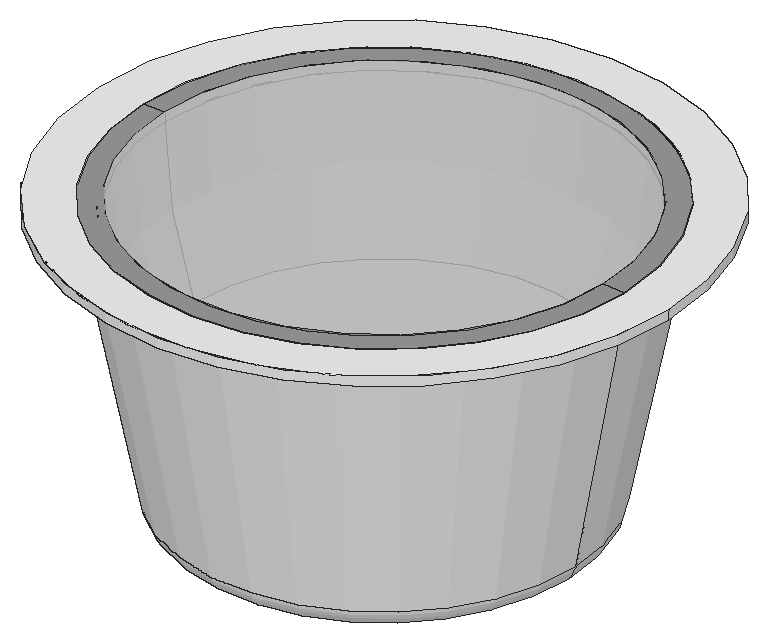
Revit family "2060567 Sylvania Lighting Fixture ASCENT 100 II ARCH 2700 4K DALI 160", category Lighting Fixtures, host Face, Revit 2016
Family settings
  Host = Face
  Part Type = Normal
  Round Connector Dimension = Use Diameter
  OmniClass Number = 23.80.70.11.17
  OmniClass Title = Specialized Lighting by Location or Use
  Cut with Voids When Loaded = No
  Light Source = Yes
  Shared = No
  Room Calculation Point = No
Parameters (values of type "2060567 ASCT100 II ARCH 2700 4K DALI 160")
  WidthBezelAcc_SYL = 25.0 mm
  Weight = "1.2 kg"
  Wattage = 21 W
  WarrantyStartDate [instance] = "n/a"
  WarrantyGuarantorParts = "n/a"
  WarrantyDurationUnit = "n/a"
  WarrantyDurationParts = "n/a"
  WarrantyDescription = "n/a"
  built-in parameter 1150110 = 1 (stored number, unit not read)
  Voltage = 0 V
  VisibilityAccessory_SYL = no
  TypeName = "ASCENT 100 II ARCH 2700 4K DALI 160"
  built-in parameter 1114217 = 1 (stored number, unit not read)
  Tilt Angle = -90°
  built-in parameter 1150109 = 1 (stored number, unit not read)
  built-in parameter 1150134 = 12
  built-in parameter 1150113 = 1 (stored number, unit not read)
  SerialNumber [instance] = "n/a"
  ReflectorRadius_SYL = Radius_SYL - 14.5 mm  # 80.0 mm
  RadiusAcc_SYL = 105.0 mm
  Radius_SYL = 94.5 mm
  URL = "http://www.sylvania-lighting.com"
  PowerFactor = 0
  PowerConsumption = "21 W"
  Photometric Web File = "2060567.ies"
  NominalWidth = 0.0 mm
  NominalLength = 0.0 mm
  NominalHeight = 94.0 mm
  Name = "ASCENT 100 II ARCH 2700 4K DALI 160"
  ModelReference = "ASCENT 100 II ARCH 2700 4K DALI 160"
  ModelNumber = "2060567"
  Material_4_SYL = none
  Material_3_SYL = Polycarbonate_Sylvania_Ascent_Opal
  Material_2_SYL = Aluminium_Sylvania_Ascent_Silver
  Material_1_SYL = Aluminum_Sylvania_Ascent_White
  Material = "aluminium housing, arcylic diffuser"
  ManufacturerName = "Feilo Sylvania"
  LuminousEfficacy = "132 lm/W"
  built-in parameter 1150105 = 220.59 (stored number, unit not read)
  Lumens = 2772 lm
  LuminaireType = ""
  built-in parameter 1150115 = 1 (stored number, unit not read)
  LightOutputRatio = "100"
  built-in parameter 1150137 = (empty or 0)
  built-in parameter 1150139 = (empty or 0)
  LampsType = Lamp  # "LED"
  LampNominalLuminous = "2767 lm"
  LampMacAdamStep = "3"
  LampColourTemperature = "4000 K"
  LampColourRenderingIndex = "80"
  built-in parameter 1150112 = 1 (stored number, unit not read)
  built-in parameter 1150114 = 1 (stored number, unit not read)
  Keynote = "16500"
  InstallationDate [instance] = "n/a"
  InputVoltage = "n/a"
  InputNominalFrequency = "n/a"
  built-in parameter 1150132 = (empty or 0)
  built-in parameter 1150102 = (empty or 0)
  built-in parameter 1150107 = 4000 (stored number, unit not read)
  built-in parameter 1150138 = (empty or 0)
  IngressProtection = "IP40"
  ImpactProtectionIndex = "IK02"
  built-in parameter 1150106 = 2.2059 (stored number, unit not read)
  IfcExportType = "IfcLightFixtureType"
  IfcExportAs = "IfcLightFixtureType"
  Height_SYL = 94.0 mm
  HeightAcc_SYL = 7.0 mm
  ExpectedLife = 50000
  EmittionSurface_SYL = if(VisibilityAccessory_SYL, 7.0 mm, 3.0 mm)  # 3.0 mm
  Emit from Circle Diameter = DiffuserRadius_SYL * 2  # 146.0 mm
  Emit Shape Visible in Rendering = no
  ElectricShockClassification = "Class II"
  built-in parameter 1150104 = 12.263 (stored number, unit not read)
  DurationUnit = "hours"
  DocumentationLiterature = "http://www.sylvania-lighting.com/product/en-int/products/2060567"
  DimmingControlOptions = "n/a"
  Dimming Lamp Color Temperature Shift = <None>
  DiffuserRadius_SYL = ReflectorRadius_SYL - 7.0 mm  # 73.0 mm
  Diameter_SYL = 2 * Radius_SYL  # 189.0 mm
  CutoutDiameter_SYL = Diameter_SYL - 13.0 mm  # 176.0 mm
  CreatedOn = "9/17/2018"
  CreatedBy = "@sylvania-lighting.com"
  Color Filter = 16777215
  built-in parameter 1114216 [instance] = 1 (stored number, unit not read)
  Model = "ASCENT 100 II ARCH 2700 4K DALI 160"
  Manufacturer = "Feilo Sylvania"
  Lamp = "LED"
  Description = "Direct LED retro fit for original LED 100 Arch (160) single CFL lamp offering Matching lumen levels and improved light distribution of original LED 100 CFL lamp equivalents Typically half the power consumption compared to CFL Up to 112lm/W 160mm aperture Architectural reflector accepts range of glass accessories from existing LED 100 Arch 160 offering HE, HO and VHO versions equivalent of single 1 x 18W, 1 x 32W, 1 x 42W\r\n Additional VVHO versions which offer the performance circa 2 x 32W equivalent"  # constant formula
  Default Elevation = 0.0 mm
  built-in parameter 1140040 [instance] = 1
  BarCode [instance] = "n/a"
  built-in parameter 1114218 = 1 (stored number, unit not read)
  built-in parameter 1150133 = 10 (stored number, unit not read)
  AssetType = "Fixed"
  AssetIdentifier [instance] = "n/a"
  Assembly Code = "D5020200"
  Apparent Load = 21 VA
  Aperture_SYL = 2 * ReflectorRadius_SYL  # 160.0 mm
Reference planes
  plane 1 "Center (Front/Back)": y = 0
  plane 2: z = 0
  plane 3 "Center (Left/Right)": x = 0
  plane 4 "Fixture Bottom": z = 3
  plane 5: z = -52.5
  plane 6 "Fixture Top": z = -91
  plane 7: x = -105
  plane 8: z = 7
  plane 9: x = -80
  plane 10: z = 5
  plane 11: x = -103
Forms (mm)
  Extrusion 1, solid, material "Aluminum_Sylvania_Ascent_White", detail levels fine
    sketch origin (0, 0, 0) x (1, 0, 0) y (0, 1, 0)
      loop
        circle (0, 0) r 94.5
      loop
        circle (0, 0) r 80
    from 0 to 3
  Extrusion 2, void
    sketch origin (0, 0, 0) x (1, 0, 0) y (0, 1, 0)
      loop
        circle (0, 0) r 88
    from -91 to 3
  Revolve 3, solid, material "Aluminum_Sylvania_Ascent_White" <- "Material_1_SYL", detail levels fine
    sketch origin (0, 0, 0) x (1, 0, 0) y (0, 0, 1)
      loop
        line (0, -91.073) -> (0, -89.023) -> (-55.468, -89.014)
        arc (-55.468, -89.014) -> (-59.352, -87.613) -> (-61.54, -84.139) r 6.307
        line (-61.54, -84.139) -> (-77.991, -2.844) -> (-77.991, 0) -> (-80, 0) -> (-80, -3) -> (-63.5, -84.536)
        arc (-63.5, -84.536) -> (-60.643, -89.203) -> (-55.5, -91.073) r 8.291
        line (-55.5, -91.073) -> (0, -91.073)
      axis (0, 0) -> (0, -91.073)
    angle from 0 to 360
  Revolve 4, solid, material "Aluminium_Sylvania_Ascent_Silver" <- "Material_2_SYL", detail levels fine
    sketch origin (0, 0, 0) x (1, 0, 0) y (0, 0, 1)
      loop
        line (-80, 3) -> (-80, 0) -> (-75, 0)
        arc (-75, 0) -> (-72.349, -26.77) -> (-64.5, -52.5) r 136.5
        line (-64.5, -52.5) -> (-58, -52.5)
        arc (-58, -52.5) -> (-56.857, -61.521) -> (-53.5, -69.971) r 36.166
        line (-53.5, -69.971) -> (0, -69.971) -> (0, -50.5) -> (-63.16, -50.5)
        arc (-63.16, -50.5) -> (-70.517, -25.725) -> (-73, 0) r 134.5
        line (-73, 0) -> (-73, 3) -> (-80, 3)
      axis (0, 3) -> (0, -69.971)
    angle from 0 to 360
  Extrusion 5, solid, material "Polycarbonate_Sylvania_Ascent_Opal" <- "Material_3_SYL", detail levels fine
    sketch origin (0, 0, 0) x (1, 0, 0) y (0, 1, 0)
      loop
        circle (0, 0) r 73
    from 0 to 3
  Revolve 6, solid, material "Aluminum_Sylvania_Ascent_White" <- "Material_1_SYL", detail levels coarse+medium
    sketch origin (0, 0, 0) x (1, 0, 0) y (0, 0, 1)
      loop
        line (0, -91.073) -> (0, 3) -> (-94.5, 3) -> (-94.5, 0) -> (-79.5, 0) -> (-79.5, -3) -> (-63, -84.536)
        arc (-63, -84.536) -> (-60.143, -89.203) -> (-55, -91.073) r 8.291
        line (-55, -91.073) -> (0, -91.073)
      axis (0, 3) -> (0, -91.073)
    angle from 0 to 360
  Revolve 7, solid, material "Aluminum_Sylvania_Ascent_White" <- "Material_1_SYL", visible <- "VisibilityAccessory_SYL"
    sketch origin (0, 0, 0) x (1, 0, 0) y (0, 0, 1)
      loop
        line (-105, 0) -> (-103, 0) -> (-103, 5) -> (-80, 5) -> (-80, 7) -> (-105, 7) -> (-105, 0)
      axis (0, 7) -> (0, 0)
    angle from 0 to 360
  Revolve 8, solid, material "Polycarbonate_Sylvania_Ascent_Opal" <- "Material_3_SYL", visible <- "VisibilityAccessory_SYL"
    sketch origin (0, 0, 0) x (1, 0, 0) y (0, 0, 1)
      loop
        line (-80, 7) -> (-80, 5) -> (0, 5) -> (0, 7) -> (-80, 7)
      axis (0, 7) -> (0, 5)
    angle from 0 to 360
Lines and regions (mm)
  reference lines
    curve 1: line (-150, 0, 3) -> (125, 0, 3)
Dimensions and locks
  locked: plane 4 "Fixture Bottom" to plane 2 at 3
  "Height_SYL": plane 4 "Fixture Bottom" to plane 6 "Fixture Top"
  "ReflectorRadius_SYL": plane 3 "Center (Left/Right)" to Revolve 4 sketch curve
  locked: Revolve 4 sketch curve to Revolve 4 sketch curve at 15.5
  locked: Revolve 4 sketch curve to Revolve 4 sketch curve at 5
  locked: Revolve 4 sketch curve to Revolve 4 sketch curve at 7
  locked: Revolve 4 sketch curve to Revolve 4 sketch curve at 22
  locked: Revolve 4 sketch curve to Revolve 4 sketch curve at 26.5
  locked: Revolve 3 sketch curve to Revolve 3 sketch curve at 16.5
  locked: Revolve 3 sketch curve to Revolve 3 sketch curve at 24.5
  "ReflectorRadius_SYL": Revolve 3 sketch curve to plane 3 "Center (Left/Right)"
  locked: Revolve 3 sketch curve to plane 6 "Fixture Top" at 6.464
  locked: plane 2 to Revolve 3 sketch curve at 3
  locked: Revolve 3 sketch curve to Revolve 3 sketch curve at 2
  locked: Revolve 3 sketch curve to Revolve 3 sketch curve at 2.009
  locked: plane 2 to plane 5 at 52.5
  locked: Revolve 6 sketch curve to Revolve 6 sketch curve at 31.5
  locked: Revolve 6 sketch curve to Revolve 6 sketch curve at 39.5
  locked: Revolve 6 sketch curve to Revolve 6 sketch curve at 15
  "Radius_SYL": plane 3 "Center (Left/Right)" to Revolve 6 sketch curve
  "RadiusAcc_SYL": plane 3 "Center (Left/Right)" to plane 7
  "HeightAcc_SYL": plane 8 to level
  "WidthBezelAcc_SYL": plane 7 to plane 9
  locked: plane 7 to plane 11 at 2
  locked: plane 8 to plane 10 at 2
  "EmittionSurface_SYL": curve 1 to level
  "CutoutDiameter_SYL": diameter of Extrusion 2 sketch curve
  "ReflectorRadius_SYL": radius of Extrusion 1 sketch curve
  "DiffuserRadius_SYL": radius of Extrusion 5 sketch curve
  "Radius_SYL": radius of Extrusion 1 sketch curve
  aligned and locked: host face to plane 2
  aligned and locked: host face to level
  aligned and locked: plane 4 "Fixture Bottom" to Extrusion 1
  aligned and locked: Extrusion 1 to plane 2
  aligned and locked: Revolve 3 sketch curve to plane 3 "Center (Left/Right)"
  aligned and locked: Revolve 4 sketch curve to plane 3 "Center (Left/Right)"  (x2)
  aligned and locked: plane 4 "Fixture Bottom" to Revolve 4 sketch curve
  aligned and locked: Extrusion 5 to plane 2
  aligned and locked: plane 2 to Revolve 3 sketch curve  (x2)
  aligned and locked: Revolve 6 sketch curve to plane 3 "Center (Left/Right)"
  aligned and locked: plane 6 "Fixture Top" to Extrusion 2
  aligned and locked: Revolve 7 sketch curve to plane 3 "Center (Left/Right)"
  aligned and locked: host face to Revolve 7 sketch curve  (x2)
  aligned and locked: Revolve 7 sketch curve to plane 7
  aligned and locked: plane 8 to Revolve 7 sketch curve
  aligned and locked: plane 9 to Revolve 7 sketch curve
  aligned and locked: Revolve 7 sketch curve to plane 10
  aligned and locked: plane 11 to Revolve 7 sketch curve
  aligned and locked: Revolve 7 to Revolve 8 sketch curve
  aligned and locked: Revolve 8 sketch curve to Revolve 7  (x2)
  aligned and locked: Revolve 8 sketch curve to plane 3 "Center (Left/Right)"  (x2)
  aligned and locked: plane 3 "Center (Left/Right)" to imposter light
  aligned and locked: imposter light to plane 1 "Center (Front/Back)"
  aligned and locked: imposter light to curve 1
Automatic sketch dimensions
  plane 1 "Center (Front/Back)" to Extrusion 2 sketch curve = 0.0 mm
  Extrusion 2 sketch curve to plane 3 "Center (Left/Right)" = 0.0 mm
  Extrusion 1 sketch curve to Extrusion 1 sketch curve = 0.0 mm  (x2)
  plane 1 "Center (Front/Back)" to Extrusion 1 sketch curve = 0.0 mm
  Extrusion 1 sketch curve to plane 3 "Center (Left/Right)" = 0.0 mm
  plane 6 "Fixture Top" to Revolve 3 sketch curve = 0.073 mm
  Revolve 3 sketch curve to plane 6 "Fixture Top" = 6.861 mm
  Revolve 3 sketch curve to Revolve 3 sketch curve = 0.003 mm
  Revolve 3 sketch curve to Revolve 3 sketch curve = 0.009 mm  (x2)
  Revolve 3 sketch curve to Revolve 3 sketch curve = 0.023 mm
  Revolve 3 sketch curve to Revolve 3 sketch curve = 0.072 mm
  Revolve 3 sketch curve to Revolve 3 sketch curve = 0.008 mm
  Revolve 3 sketch curve to plane 6 "Fixture Top" = 1.977 mm
  Revolve 3 sketch curve to Revolve 3 sketch curve = 33.496 mm
  Revolve 3 sketch curve to Revolve 3 sketch curve = 0.028 mm
  plane 4 "Fixture Bottom" to Revolve 3 sketch curve = 82.431 mm
  Revolve 4 sketch curve to Revolve 4 sketch curve = 0.0 mm  (x2)
  Revolve 4 sketch curve to plane 5 = 0.0 mm
  Revolve 4 sketch curve to level = 0.0 mm
  plane 5 to Revolve 4 sketch curve = 2.0 mm
  plane 4 "Fixture Bottom" to Revolve 4 sketch curve = 9.642 mm
  plane 1 "Center (Front/Back)" to Extrusion 5 sketch curve = 0.0 mm
  Extrusion 5 sketch curve to plane 3 "Center (Left/Right)" = 0.0 mm
  Revolve 4 sketch curve to level = 69.971 mm
  Revolve 4 sketch curve to Revolve 4 sketch curve = 2.387 mm
  Revolve 6 sketch curve to level = 0.0 mm
  Revolve 6 sketch curve to plane 3 "Center (Left/Right)" = 0.0 mm
  Revolve 6 sketch curve to Revolve 6 sketch curve = 8.104 mm
  Revolve 6 sketch curve to level = 3.0 mm
  Revolve 6 sketch curve to plane 6 "Fixture Top" = 6.464 mm
  plane 6 "Fixture Top" to Revolve 6 sketch curve = 0.073 mm
  Revolve 6 sketch curve to Revolve 6 sketch curve = 33.496 mm
  plane 4 "Fixture Bottom" to Revolve 6 sketch curve = 82.431 mm
  host sketch curve to host sketch curve = 1704.996 mm
  host sketch curve to host sketch curve = 1500.0 mm
  plane 6 "Fixture Top" to Revolve 7 sketch curve = 281.274 mm
  Revolve 7 sketch curve to plane 8 = 1140.706 mm
  plane 6 "Fixture Top" to Revolve 8 sketch curve = 281.274 mm
  Revolve 8 sketch curve to Revolve 8 sketch curve = 1140.706 mm
  Revolve 3 sketch curve to plane 3 "Center (Left/Right)" = 0.0 mm
  Revolve 6 sketch curve to plane 4 "Fixture Bottom" = 0.0 mm
  plane 7 to curve 1 = 45.0 mm
  plane 3 "Center (Left/Right)" to curve 1 = 125.0 mm
Connectors
  electrical at (0, 0, -91.073), driven by "Apparent Load"
    settings: on Revolve 3, index 1, voltage 240 V, apparent load 0 VA, apparent load phase1 21 VA, apparent load phase2 0 VA, apparent load phase3 0 VA, power factor 1, load classification "Lighting", number of poles 1, system type 31, power factor state 1, is connector primary yes, connector utility no, sub classification motor no, connector description ""
